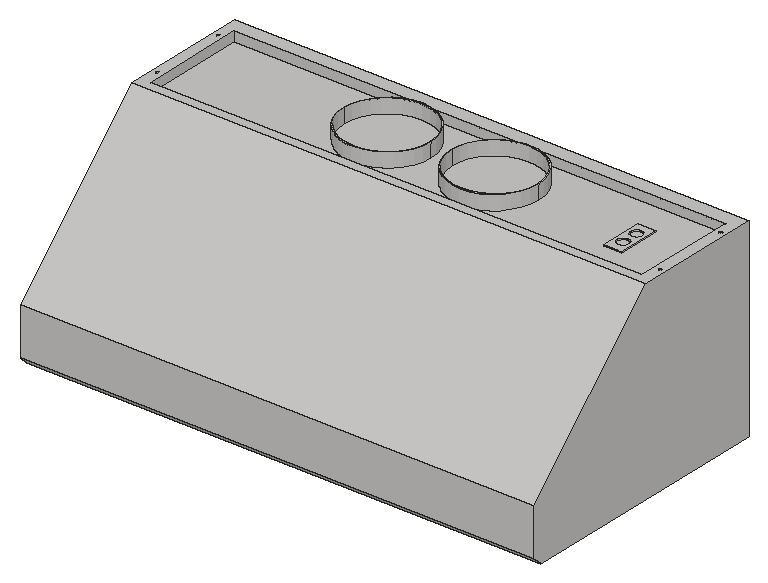
Revit family "FP_Revit_18_HCB48-12_N_Rangehood_90001236A", category Specialty Equipment, Revit 2018
Family settings
  Round Connector Dimension = Use Diameter
  Part Type = Normal
  OmniClass Number = 23.40.40.00
  OmniClass Title = Food Service Equipment and Furnishings
  Work Plane-Based = No
  Always vertical = Yes
  Cut with Voids When Loaded = Yes
  Shared = No
  Room Calculation Point = No
Parameters
  Visibility - Duct Transition [instance] = no
  Visibility - Duct Cover [instance] = no
  URL = "www.fisherpaykel.com"
  Product - Width = 1216 mm  # constant formula
  Product - Height = 457 mm  # constant formula
  Product - Depth = 636 mm  # constant formula
  Model = "HCB48-12_N"
  Material - Glass = Fisher & Paykel - White Bezel
  Material - Buttons and Dials = Fisher & Paykel - Steel, Chrome Plated
  Material - Body = Fisher & Paykel - Stainless Steel
  Manufacturer = "Fisher & Paykel Appliances"
  FFL Offset [instance] = 1677 mm
  Duct Cover - Height 6"(152mm) or 12"(305mm) [instance] = 305 mm
  Description = "48\" Professional Rangehood"
  Connector Description - Extraction 2 = "10\" (254mm) Outside diameter of ducting outlet, 1200 CFM"
  Connector Description - Extraction 1 = "8\" (208mm) Outside diameter of ducting outlet, 1200 CFM"
  Connector Description - Electrical = "120 V, 60 Hz, 20 A, Branch circuit"
Reference planes
  plane 1 "Center (Front/Back)": y = 0
  plane 2: z = 0
  plane 3 "Center (Left/Right)": x = 0
  plane 4 "Product LHS": x = -608
  plane 5 "Product RHS": x = 608
  plane 6 "Product Front": y = -318
  plane 7 "Product Rear": y = 318
  plane 8 "FFL Offset": z = 1677
  plane 9 "Product - Height": z = 2134
  plane 10 "Mounting": x = -595.5
  plane 11 "Duct Cover": z = 2439
Forms (mm)
  Extrusion 1, solid, material "Fisher & Paykel - Stainless Steel" <- "Material - Body"
    sketch origin (0, 0, 0) x (0, 1, 0) y (0, 0, 1)
      loop
        line (318, 2134) -> (13.065, 2134)
        arc (13.065, 2134) -> (-158.871, 1977.553) -> (-318, 1808.096) r 2959.918
        line (-318, 1808.096) -> (-318, 1696.18) -> (-297.82, 1677) -> (318, 1677) -> (318, 2134)
    from -608 to 608
  Extrusion 2, solid, material "Fisher & Paykel - Stainless Steel" <- "Material - Body"
    sketch origin (0, 0, 0) x (1, 0, 0) y (0, 1, 0)
      loop
        circle (-127.5, 168) r 104
      loop
        circle (-127.5, 168) r 102
      loop
        circle (127.5, 168) r 104
      loop
        circle (127.5, 168) r 102
    from 2112 to 2146
  Extrusion 3, void
    sketch origin (0, 0, 82.261) x (1, 0, 0) y (0, 1, 0)
      loop
        circle (-595.5, 252) r 3
      loop
        circle (-595.5, 72) r 3
      loop
        circle (595.5, 252) r 3
      loop
        circle (595.5, 72) r 3
    from 2041.739 to 2051.739
  Extrusion 4, void
    sketch origin (0, 0, 0) x (1, 0, 0) y (0, 0, 1)
      loop
        line (227.78, 2027.773) -> (227.78, 2037.9)
        arc (227.78, 2037.9) -> (224.28, 2041.4) -> (220.78, 2037.9) r 3.5
        line (220.78, 2037.9) -> (220.78, 2027.773)
        arc (220.78, 2027.773) -> (224.28, 2016.89) -> (227.78, 2027.773) r 6.004
      loop
        circle (250, 1753) r 9
      loop
        arc (-227.78, 2027.773) -> (-224.28, 2016.89) -> (-220.78, 2027.773) r 6.004
        line (-220.78, 2027.773) -> (-220.78, 2037.9)
        arc (-220.78, 2037.9) -> (-224.28, 2041.4) -> (-227.78, 2037.9) r 3.5
        line (-227.78, 2037.9) -> (-227.78, 2027.773)
      loop
        circle (-250, 1753) r 9
    from -318 to -293
  Extrusion 5, void
    sketch origin (0, 0, 0) x (0, 1, 0) y (0, 0, 1)
      loop
        line (-278.628, 1677) -> (242.7, 1677) -> (224.841, 1726.067) -> (241.039, 1726.067) -> (249.59, 1749.559) -> (224.137, 1758.823) -> (224.137, 1859.689) -> (-52.991, 1859.689) -> (-61.542, 1836.197) -> (-38.362, 1827.76) -> (-149.156, 1728) -> (-278.628, 1677)
    from -569 to 569
  Extrusion 6, solid, material "Fisher & Paykel - Stainless Steel" <- "Material - Body"
    sketch origin (0, 0, 0) x (1, 0, 0) y (0, 0, 1)
      loop
        line (-569, 1677) -> (-532.5, 1728) -> (-532.5, 1827) -> (-569, 1827) -> (-569, 1677)
      loop
        line (569, 1677) -> (569, 1827) -> (532.5, 1827) -> (532.5, 1728) -> (569, 1677)
    from -242.7 to 278.628
  Extrusion 7, void
    sketch origin (0, 0, 0) x (1, 0, 0) y (0, 0, 1)
      loop
        line (582.3, 2070.8) -> (-582.3, 2070.8) -> (-582.3, 1768.5) -> (582.3, 1768.5) -> (582.3, 2070.8)
    from -318 to -298
  Extrusion 8, void
    sketch origin (0, 0, 0) x (1, 0, 0) y (0, 1, 0)
      loop
        line (-582.2, 283.5) -> (-582.2, 35.2) -> (582.2, 35.2) -> (582.2, 283.5) -> (-582.2, 283.5)
    from 2112 to 2134
  Extrusion 9, solid, material "Fisher & Paykel - Stainless Steel" <- "Material - Body"
    sketch origin (0, 0, 0) x (1, 0, 0) y (0, 1, 0)
      loop
        line (432, 209.7) -> (432, 109.7) -> (476, 109.7) -> (476, 209.7) -> (432, 209.7)
      loop
        circle (454, 179.7) r 13.89
      loop
        circle (454, 139.7) r 13.89
    from 2112 to 2113.8
  Revolve 10, solid, material "Fisher & Paykel - Steel, Chrome Plated" <- "Material - Buttons and Dials", detail levels medium+fine
    sketch origin (0, 0, 0) x (0, 1, 0) y (0, 0, 1)
      loop
        line (-187.912, 1712.734) -> (-185.676, 1707.058) -> (-176.21, 1713.044) -> (-177.677, 1716.766) -> (-187.912, 1712.734)
      axis (-213.499, 1702.655) -> (-211.263, 1696.979)
    angle from 0 to 360
  Revolve 11, solid, material "Fisher & Paykel - Steel, Chrome Plated" <- "Material - Buttons and Dials", detail levels medium+fine
    sketch origin (-305, 0, 0) x (0, 1, 0) y (0, 0, 1)
      loop
        line (-187.912, 1712.734) -> (-185.676, 1707.058) -> (-176.21, 1713.044) -> (-177.677, 1716.766) -> (-187.912, 1712.734)
      axis (-213.499, 1702.655) -> (-211.263, 1696.979)
    angle from 0 to 360
  Revolve 12, solid, material "Fisher & Paykel - Steel, Chrome Plated" <- "Material - Buttons and Dials", detail levels medium+fine
    sketch origin (305, 0, 0) x (0, 1, 0) y (0, 0, 1)
      loop
        line (-187.912, 1712.734) -> (-185.676, 1707.058) -> (-176.21, 1713.044) -> (-177.677, 1716.766) -> (-187.912, 1712.734)
      axis (-213.499, 1702.655) -> (-211.263, 1696.979)
    angle from 0 to 360
  Revolve 13, solid, material "Fisher & Paykel - White Bezel" <- "Material - Glass", detail levels fine
    sketch origin (0, 0, 0) x (0, 1, 0) y (0, 0, 1)
      loop
        line (-213.499, 1702.655) -> (-211.263, 1696.979) -> (-185.676, 1707.058) -> (-187.912, 1712.734) -> (-213.499, 1702.655)
      axis (-213.499, 1702.655) -> (-211.263, 1696.979)
    angle from 0 to 360
  Revolve 14, solid, material "Fisher & Paykel - White Bezel" <- "Material - Glass", detail levels fine
    sketch origin (-305, 0, 0) x (0, 1, 0) y (0, 0, 1)
      loop
        line (-213.499, 1702.655) -> (-211.263, 1696.979) -> (-185.676, 1707.058) -> (-187.912, 1712.734) -> (-213.499, 1702.655)
      axis (-213.499, 1702.655) -> (-211.263, 1696.979)
    angle from 0 to 360
  Revolve 15, solid, material "Fisher & Paykel - White Bezel" <- "Material - Glass", detail levels fine
    sketch origin (305, 0, 0) x (0, 1, 0) y (0, 0, 1)
      loop
        line (-213.499, 1702.655) -> (-211.263, 1696.979) -> (-185.676, 1707.058) -> (-187.912, 1712.734) -> (-213.499, 1702.655)
      axis (-213.499, 1702.655) -> (-211.263, 1696.979)
    angle from 0 to 360
  Revolve 16, solid, material "Fisher & Paykel - Steel, Chrome Plated" <- "Material - Buttons and Dials", detail levels medium+fine
    sketch origin (-2000, -44.72, 0) x (1, 0, 0) y (0, 0, 1)
      loop
        line (2550.202, 1703.266) -> (2537.353, 1694.071) -> (2548.993, 1677.807) -> (2558.589, 1684.674) -> (2559.578, 1683.292) -> (2563.009, 1681.935) -> (2564.635, 1683.099) -> (2550.202, 1703.266)
      axis (2550.202, 1703.266) -> (2537.353, 1694.071)
    angle from 0 to 360
  Revolve 17, solid, material "Fisher & Paykel - Steel, Chrome Plated" <- "Material - Buttons and Dials", detail levels medium+fine
    sketch origin (-2000, -124.719, 0) x (1, 0, 0) y (0, 0, 1)
      loop
        line (2550.202, 1703.266) -> (2537.353, 1694.071) -> (2548.993, 1677.807) -> (2558.589, 1684.674) -> (2559.578, 1683.292) -> (2563.009, 1681.935) -> (2564.635, 1683.099) -> (2550.202, 1703.266)
      axis (2550.202, 1703.266) -> (2537.353, 1694.071)
    angle from 0 to 360
  Extrusion 18, solid, material "Fisher & Paykel - Stainless Steel" <- "Material - Body", visible <- "Visibility - Duct Transition"
    sketch origin (0, 0, 0) x (0, 1, 0) y (0, 0, 1)
      loop
        line (70.503, 2112) -> (265.177, 2112) -> (296.34, 2228.3) -> (39.34, 2228.3) -> (70.503, 2112)
    from -275 to 275
  Extrusion 19, solid, material "Fisher & Paykel - Stainless Steel" <- "Material - Body", visible <- "Visibility - Duct Transition"
    sketch origin (0, 0, 0) x (1, 0, 0) y (0, 1, 0)
      loop
        circle (0, 167.84) r 124.7
      loop
        circle (0, 167.84) r 123.7
    from 2228.3 to 2261.3
  Extrusion 20, solid, material "Fisher & Paykel - Stainless Steel" <- "Material - Body", visible <- "Visibility - Duct Cover"
    sketch origin (0, 0, 0) x (1, 0, 0) y (0, 1, 0)
      loop
        line (-608, 318) -> (-608, 13.065) -> (608, 13.065) -> (608, 318) -> (582.2, 318) -> (582.2, 35.2) -> (-582.2, 35.2) -> (-582.2, 318) -> (-608, 318)
    from 2134 to 2439
Cuts and joins
  Extrusion 3, Extrusion 4, Extrusion 5, Extrusion 7, Extrusion 8 cuts Extrusion 1
  Extrusion 7 cuts Extrusion 6
  joined: Extrusion 1, Extrusion 6
Text (mm)
  text "Due to ongoing product development, product details are subject to change without notice. \nPlease always refer to www.fisherpaykel.com for the most current product information. \n© Fisher & Paykel 2020" at (41.04, -1225.549, 0), in view "Ref. Level (Plan)"
Dimensions and locks
  equal spacing: plane 4 "Product LHS", plane 3 "Center (Left/Right)", plane 5 "Product RHS"
  "Product - Width": plane 4 "Product LHS" to plane 5 "Product RHS"
  equal spacing: plane 7 "Product Rear", plane 1 "Center (Front/Back)", plane 6 "Product Front"
  "Product - Depth": plane 7 "Product Rear" to plane 6 "Product Front"
  "FFL Offset": plane 8 "FFL Offset" to level
  Extrusion 1 to Extrusion 2 sketch curve = 150 mm
  Extrusion 2 sketch curve to plane 3 "Center (Left/Right)" = 127.5 mm
  plane 9 "Product - Height" to Extrusion 2 = 12 mm
  plane 10 "Mounting" to plane 3 "Center (Left/Right)" = 595.5 mm
  Extrusion 1 to Extrusion 3 sketch curve = 66 mm
  Extrusion 1 to Extrusion 3 sketch curve = 246 mm
  locked: Extrusion 3 to plane 9 "Product - Height" at 10
  "Product - Height": plane 9 "Product - Height" to plane 8 "FFL Offset"
  locked: Extrusion 2 to plane 9 "Product - Height" at 12
  locked: cut or joined group of Extrusion 1, Extrusion 3, Extrusion 4, Extrusion 5, Extrusion 6, Extrusion 7, Extrusion 8 to plane 9 "Product - Height" at 22
  locked: plane 9 "Product - Height" to Extrusion 19 at 127.3
  locked: cut or joined group of Extrusion 1, Extrusion 3, Extrusion 4, Extrusion 5, Extrusion 6, Extrusion 7, Extrusion 8 to Extrusion 9 at 1.8
  locked: nested 3 to plane 8 "FFL Offset" at 55.223
  locked: Extrusion 18 to plane 9 "Product - Height" at 94.3
  locked: Extrusion 1 sketch curve to plane 8 "FFL Offset" at 131.096
  "Duct Cover - Height 6"(152mm) or 12"(305mm)": plane 9 "Product - Height" to plane 11 "Duct Cover"
  aligned and locked: level to plane 2
  aligned and locked: plane 8 "FFL Offset" to Extrusion 1 sketch curve
  aligned and locked: Extrusion 1 to plane 5 "Product RHS"
  aligned and locked: plane 4 "Product LHS" to Extrusion 1
  aligned and locked: plane 7 "Product Rear" to Extrusion 1
  aligned and locked: Extrusion 1 to plane 6 "Product Front"
  aligned and locked: Extrusion 1 to plane 9 "Product - Height"
  aligned and locked: Extrusion 3 to plane 9 "Product - Height"
  aligned and locked: Extrusion 1 to Extrusion 4
  aligned and locked: Extrusion 8 to plane 9 "Product - Height"
  aligned and locked: plane 7 "Product Rear" to Extrusion 20 sketch curve
  aligned and locked: Extrusion 20 sketch curve to plane 7 "Product Rear"
  aligned and locked: Extrusion 20 sketch curve to cut or joined group of Extrusion 1, Extrusion 3, Extrusion 4, Extrusion 5, Extrusion 6, Extrusion 7, Extrusion 8  (x4)
  aligned and locked: plane 9 "Product - Height" to Extrusion 20
  aligned and locked: cut or joined group of Extrusion 1, Extrusion 3, Extrusion 4, Extrusion 5, Extrusion 6, Extrusion 7, Extrusion 8 to Extrusion 18
  aligned and locked: Extrusion 19 to Extrusion 18
  aligned and locked: cut or joined group of Extrusion 1, Extrusion 3, Extrusion 4, Extrusion 5, Extrusion 6, Extrusion 7, Extrusion 8 to Extrusion 9
  aligned and locked: cut or joined group of Extrusion 1, Extrusion 3, Extrusion 4, Extrusion 5, Extrusion 6, Extrusion 7, Extrusion 8 to Extrusion 2
  aligned and locked: plane 11 "Duct Cover" to Extrusion 20
Automatic sketch dimensions
  Extrusion 1 sketch curve to plane 6 "Product Front" = 0 mm
  plane 9 "Product - Height" to Extrusion 1 sketch curve = 0 mm
  Extrusion 1 sketch curve to plane 7 "Product Rear" = 0 mm
  plane 6 "Product Front" to Extrusion 1 sketch curve = 20.18 mm
  Extrusion 1 sketch curve to plane 1 "Center (Front/Back)" = 13.065 mm
  Extrusion 1 sketch curve to level = 131.801 mm
  plane 8 "FFL Offset" to Extrusion 1 sketch curve = 19.18 mm
  Extrusion 2 sketch curve to Extrusion 2 sketch curve = 0 mm  (x4)
  plane 3 "Center (Left/Right)" to Extrusion 2 sketch curve = 127.5 mm
  Extrusion 2 sketch curve to plane 7 "Product Rear" = 150 mm
  Extrusion 3 sketch curve to plane 10 "Mounting" = 0 mm  (x2)
  plane 5 "Product RHS" to Extrusion 3 sketch curve = 12.5 mm  (x2)
  Extrusion 3 sketch curve to plane 1 "Center (Front/Back)" = 72 mm
  Extrusion 3 sketch curve to plane 7 "Product Rear" = 66 mm
  plane 8 "FFL Offset" to Extrusion 4 sketch curve = 76 mm  (x2)
  Extrusion 4 sketch curve to plane 3 "Center (Left/Right)" = 250 mm
  plane 9 "Product - Height" to Extrusion 4 sketch curve = 96.1 mm
  Extrusion 4 sketch curve to plane 3 "Center (Left/Right)" = 227.78 mm
  Extrusion 4 sketch curve to Extrusion 4 sketch curve = 3.5 mm  (x4)
  plane 9 "Product - Height" to Extrusion 4 sketch curve = 106.227 mm
  plane 3 "Center (Left/Right)" to Extrusion 4 sketch curve = 220.78 mm
  plane 3 "Center (Left/Right)" to Extrusion 4 sketch curve = 250 mm
  Extrusion 4 sketch curve to Extrusion 4 sketch curve = 15.005 mm
  Extrusion 4 sketch curve to Extrusion 4 sketch curve = 4.879 mm  (x2)
  Extrusion 4 sketch curve to Extrusion 4 sketch curve = 10.127 mm
  Extrusion 6 sketch curve to plane 8 "FFL Offset" = 0 mm  (x2)
  plane 10 "Mounting" to Extrusion 6 sketch curve = 26.5 mm
  Extrusion 6 sketch curve to Extrusion 6 sketch curve = 36.5 mm
  plane 5 "Product RHS" to Extrusion 6 sketch curve = 75.5 mm
  plane 5 "Product RHS" to Extrusion 6 sketch curve = 39 mm
  plane 8 "FFL Offset" to Extrusion 6 sketch curve = 51 mm  (x2)
  Extrusion 6 sketch curve to Extrusion 6 sketch curve = 99 mm  (x2)
  plane 10 "Mounting" to Extrusion 7 sketch curve = 13.2 mm
  plane 5 "Product RHS" to Extrusion 7 sketch curve = 25.7 mm
  plane 8 "FFL Offset" to Extrusion 7 sketch curve = 91.5 mm
  plane 9 "Product - Height" to Extrusion 7 sketch curve = 63.2 mm
  plane 10 "Mounting" to Extrusion 8 sketch curve = 13.3 mm
  plane 5 "Product RHS" to Extrusion 8 sketch curve = 25.8 mm
  Extrusion 8 sketch curve to plane 1 "Center (Front/Back)" = 35.2 mm
  Extrusion 8 sketch curve to plane 7 "Product Rear" = 34.5 mm
  plane 5 "Product RHS" to Extrusion 9 sketch curve = 176 mm
  Extrusion 9 sketch curve to Extrusion 9 sketch curve = 22 mm  (x3)
  Extrusion 9 sketch curve to plane 1 "Center (Front/Back)" = 109.7 mm
  Extrusion 9 sketch curve to Extrusion 9 sketch curve = 30 mm
  Extrusion 9 sketch curve to Extrusion 9 sketch curve = 40 mm
  Extrusion 9 sketch curve to Extrusion 9 sketch curve = 29.999 mm
  plane 8 "FFL Offset" to Revolve 10 sketch curve = 35.734 mm
  plane 6 "Product Front" to Revolve 10 sketch curve = 130.088 mm
  plane 8 "FFL Offset" to Revolve 10 sketch curve = 30.058 mm
  Revolve 10 sketch curve to Revolve 10 sketch curve = 2.236 mm
  plane 8 "FFL Offset" to Revolve 10 sketch curve = 39.766 mm
  plane 8 "FFL Offset" to Revolve 10 sketch curve = 36.044 mm
  plane 8 "FFL Offset" to Revolve 10 sketch curve = 10.675 mm
  Revolve 10 sketch curve to Revolve 10 sketch curve = 21.922 mm
  plane 8 "FFL Offset" to Revolve 10 sketch curve = 19.979 mm
  Revolve 10 sketch curve to Revolve 10 sketch curve = 3.665 mm
  plane 8 "FFL Offset" to Revolve 11 sketch curve = 35.734 mm
  plane 6 "Product Front" to Revolve 11 sketch curve = 130.088 mm
  plane 8 "FFL Offset" to Revolve 11 sketch curve = 30.058 mm
  Revolve 11 sketch curve to Revolve 11 sketch curve = 2.236 mm
  plane 8 "FFL Offset" to Revolve 11 sketch curve = 39.766 mm
  plane 8 "FFL Offset" to Revolve 11 sketch curve = 36.044 mm
  plane 8 "FFL Offset" to Revolve 11 sketch curve = 10.675 mm
  Revolve 11 sketch curve to Revolve 11 sketch curve = 21.922 mm
  plane 8 "FFL Offset" to Revolve 11 sketch curve = 19.979 mm
  Revolve 11 sketch curve to Revolve 11 sketch curve = 3.665 mm
  plane 8 "FFL Offset" to Revolve 12 sketch curve = 35.734 mm
  plane 6 "Product Front" to Revolve 12 sketch curve = 130.088 mm
  plane 8 "FFL Offset" to Revolve 12 sketch curve = 30.058 mm
  Revolve 12 sketch curve to Revolve 12 sketch curve = 2.236 mm
  plane 8 "FFL Offset" to Revolve 12 sketch curve = 39.766 mm
  plane 8 "FFL Offset" to Revolve 12 sketch curve = 36.044 mm
  plane 8 "FFL Offset" to Revolve 12 sketch curve = 10.675 mm
  Revolve 12 sketch curve to Revolve 12 sketch curve = 21.922 mm
  plane 8 "FFL Offset" to Revolve 12 sketch curve = 19.979 mm
  Revolve 12 sketch curve to Revolve 12 sketch curve = 3.665 mm
  plane 8 "FFL Offset" to Revolve 13 sketch curve = 25.655 mm
  plane 6 "Product Front" to Revolve 13 sketch curve = 104.501 mm
  plane 8 "FFL Offset" to Revolve 13 sketch curve = 19.979 mm  (x2)
  Revolve 13 sketch curve to Revolve 13 sketch curve = 2.236 mm
  plane 8 "FFL Offset" to Revolve 13 sketch curve = 35.734 mm
  Revolve 13 sketch curve to Revolve 13 sketch curve = 0 mm
  plane 8 "FFL Offset" to Revolve 13 sketch curve = 15.327 mm
  Revolve 13 sketch curve to Revolve 13 sketch curve = 1.833 mm
  plane 8 "FFL Offset" to Revolve 14 sketch curve = 25.655 mm
  plane 6 "Product Front" to Revolve 14 sketch curve = 104.501 mm
  plane 8 "FFL Offset" to Revolve 14 sketch curve = 19.979 mm  (x2)
  Revolve 14 sketch curve to Revolve 14 sketch curve = 2.236 mm
  plane 8 "FFL Offset" to Revolve 14 sketch curve = 35.734 mm
  Revolve 14 sketch curve to Revolve 14 sketch curve = 0 mm
  plane 8 "FFL Offset" to Revolve 14 sketch curve = 15.327 mm
  Revolve 14 sketch curve to Revolve 14 sketch curve = 1.833 mm
  plane 8 "FFL Offset" to Revolve 15 sketch curve = 25.655 mm
  plane 6 "Product Front" to Revolve 15 sketch curve = 104.501 mm
  plane 8 "FFL Offset" to Revolve 15 sketch curve = 19.979 mm  (x2)
  Revolve 15 sketch curve to Revolve 15 sketch curve = 2.236 mm
  plane 8 "FFL Offset" to Revolve 15 sketch curve = 35.734 mm
  Revolve 15 sketch curve to Revolve 15 sketch curve = 0 mm
  plane 8 "FFL Offset" to Revolve 15 sketch curve = 15.327 mm
  Revolve 15 sketch curve to Revolve 15 sketch curve = 1.833 mm
  plane 8 "FFL Offset" to Revolve 16 sketch curve = 17.071 mm  (x2)
  plane 5 "Product RHS" to Revolve 16 sketch curve = 70.647 mm
  plane 8 "FFL Offset" to Revolve 16 sketch curve = 0.807 mm
  Revolve 16 sketch curve to Revolve 16 sketch curve = 11.64 mm
  plane 8 "FFL Offset" to Revolve 16 sketch curve = 26.266 mm
  plane 8 "FFL Offset" to Revolve 16 sketch curve = 7.674 mm
  plane 8 "FFL Offset" to Revolve 16 sketch curve = 6.292 mm
  plane 8 "FFL Offset" to Revolve 16 sketch curve = 4.935 mm
  Revolve 16 sketch curve to Revolve 16 sketch curve = 3.431 mm
  plane 8 "FFL Offset" to Revolve 16 sketch curve = 14.161 mm
  Revolve 16 sketch curve to Revolve 16 sketch curve = 4.066 mm
  Revolve 16 sketch curve to Revolve 16 sketch curve = 0 mm
  plane 8 "FFL Offset" to Revolve 17 sketch curve = 17.071 mm  (x2)
  plane 5 "Product RHS" to Revolve 17 sketch curve = 70.647 mm
  plane 8 "FFL Offset" to Revolve 17 sketch curve = 0.807 mm
  Revolve 17 sketch curve to Revolve 17 sketch curve = 11.64 mm
  plane 8 "FFL Offset" to Revolve 17 sketch curve = 26.266 mm
  plane 8 "FFL Offset" to Revolve 17 sketch curve = 7.674 mm
  plane 8 "FFL Offset" to Revolve 17 sketch curve = 6.292 mm
  plane 8 "FFL Offset" to Revolve 17 sketch curve = 4.935 mm
  Revolve 17 sketch curve to Revolve 17 sketch curve = 3.431 mm
  plane 8 "FFL Offset" to Revolve 17 sketch curve = 14.161 mm
  Revolve 17 sketch curve to Revolve 17 sketch curve = 4.066 mm
  Revolve 17 sketch curve to Revolve 17 sketch curve = 0 mm
  Extrusion 18 sketch curve to plane 7 "Product Rear" = 21.66 mm
  Extrusion 18 sketch curve to plane 9 "Product - Height" = 94.3 mm
  Extrusion 18 sketch curve to plane 7 "Product Rear" = 52.823 mm
  plane 9 "Product - Height" to Extrusion 18 sketch curve = 22 mm
  Extrusion 18 sketch curve to plane 1 "Center (Front/Back)" = 70.503 mm
  Extrusion 18 sketch curve to plane 1 "Center (Front/Back)" = 39.34 mm
  Extrusion 19 sketch curve to Extrusion 19 sketch curve = 0 mm  (x2)
  Extrusion 19 sketch curve to plane 7 "Product Rear" = 150.16 mm
  plane 5 "Product RHS" to Extrusion 19 sketch curve = 608 mm
  Extrusion 20 sketch curve to plane 4 "Product LHS" = 0 mm
  Extrusion 20 sketch curve to plane 5 "Product RHS" = 0 mm
  Extrusion 5 sketch curve to plane 8 "FFL Offset" = 0 mm
  plane 6 "Product Front" to Extrusion 5 sketch curve = 39.372 mm
  plane 8 "FFL Offset" to Extrusion 5 sketch curve = 51 mm
  Extrusion 5 sketch curve to Extrusion 5 sketch curve = 129.471 mm
  plane 1 "Center (Front/Back)" to Extrusion 5 sketch curve = 38.362 mm
  Extrusion 5 sketch curve to plane 7 "Product Rear" = 93.863 mm
  Extrusion 5 sketch curve to Extrusion 5 sketch curve = 0.704 mm
  Extrusion 5 sketch curve to Extrusion 5 sketch curve = 16.198 mm
  Extrusion 5 sketch curve to Extrusion 5 sketch curve = 1.661 mm
  Extrusion 5 sketch curve to Extrusion 5 sketch curve = 8.551 mm  (x2)
  plane 8 "FFL Offset" to Extrusion 5 sketch curve = 49.067 mm
  Extrusion 5 sketch curve to Extrusion 5 sketch curve = 23.492 mm
  Extrusion 5 sketch curve to Extrusion 5 sketch curve = 23.18 mm
  Extrusion 5 sketch curve to Extrusion 5 sketch curve = 99.76 mm
  Extrusion 5 sketch curve to Extrusion 5 sketch curve = 8.437 mm
  radius of Extrusion 2 sketch curve = 104 mm  (x2)
  radius of Extrusion 2 sketch curve = 102 mm  (x2)
  radius of Extrusion 3 sketch curve = 3 mm  (x4)
  radius of Extrusion 4 sketch curve = 9 mm  (x2)
  radius of Extrusion 9 sketch curve = 13.89 mm  (x2)
  radius of Extrusion 19 sketch curve = 124.7 mm
  radius of Extrusion 19 sketch curve = 123.7 mm
Nested families
  nested 1: "F&P Filter Rangehood HCB" at (0, 89.749, 1781.132), type "F&P Filter Rangehood HCB"
  nested 2: "F&P Filter Rangehood HCB" at (-352, 89.749, 1781.132), type "F&P Filter Rangehood HCB"
  nested 3: "F&P Filter Rangehood HCB" at (352, 89.749, 1781.132), type "F&P Filter Rangehood HCB"
  nested 4: "F&P Filter Rangehood HCB" at (0, 89.749, 1669.132), type "F&P Filter Rangehood HCB", not visible
  nested 5: "F&P Filter Rangehood HCB" at (-352, 89.749, 1669.132), type "F&P Filter Rangehood HCB", not visible
  nested 6: "F&P Filter Rangehood HCB" at (352, 89.749, 1669.132), type "F&P Filter Rangehood HCB", not visible
Connectors
  electrical at (454, 139.7, 2112), driven by "Connector Description - Electrical"
    settings: on Extrusion 9, index 1, voltage 120 V, apparent load 0 VA, apparent load phase1 0 VA, apparent load phase2 0 VA, apparent load phase3 0 VA, power factor 1, load classification "Other", number of poles 1, system type 30, power factor state 1, is connector primary yes, connector utility no, sub classification motor no, connector description "120 V, 60 Hz, 20 A, Branch circuit"
  hvac at (-127.5, 168, 2146), driven by "Connector Description - Extraction 1"
    settings: on Extrusion 2, index 2, duct flow 0.0 L/s, flow factor 0, pres drop 0.0 Pa, loss coef 0, conn angle 0.00°, conn width 304.8 mm, conn height 304.8 mm, conn diameter 208 mm, duct sys type 4, conn prof type 0, flow config 0, flow direction 2, loss method 0, conn ref index -1, conn util no, is conn primary yes, conn desc "8\" (208mm) Outside diameter of ducting outlet, 1200 CFM"
  hvac at (-127.5, 168, 2146), driven by "Connector Description - Extraction 1"
    settings: on Extrusion 2, index 3, duct flow 0.0 L/s, flow factor 0, pres drop 0.0 Pa, loss coef 0, conn angle 0.00°, conn width 304.8 mm, conn height 304.8 mm, conn diameter 208 mm, duct sys type 4, conn prof type 0, flow config 0, flow direction 2, loss method 0, conn ref index -1, conn util no, is conn primary no, conn desc "8\" (208mm) Outside diameter of ducting outlet, 1200 CFM"
  hvac at (0, 167.84, 2261.3), driven by "Connector Description - Extraction 2", driven by "Visibility - Duct Transition"
    settings: on Extrusion 19, index 4, duct flow 0.0 L/s, flow factor 0, pres drop 0.0 Pa, loss coef 0, conn angle 0.00°, conn width 304.8 mm, conn height 304.8 mm, conn diameter 254 mm, duct sys type 4, conn prof type 0, flow config 0, flow direction 2, loss method 0, conn ref index -1, conn util no, is conn primary no, conn desc "10\" (254mm) Outside diameter of ducting outlet, 1200 CFM"
  hvac at (127.5, 168, 2146), driven by "Connector Description - Extraction 1"
    settings: on Extrusion 2, index 5, duct flow 0.0 L/s, flow factor 0, pres drop 0.0 Pa, loss coef 0, conn angle 0.00°, conn width 304.8 mm, conn height 304.8 mm, conn diameter 208 mm, duct sys type 4, conn prof type 0, flow config 0, flow direction 2, loss method 0, conn ref index -1, conn util no, is conn primary no, conn desc "8\" (208mm) Outside diameter of ducting outlet, 1200 CFM"
Definition of nested family "F&P Filter Rangehood HCB"
  Parameters (values of type "F&P Filter Rangehood HCB")
    URL = "www.fisherpaykel.com"
    Material - Body = none
    Manufacturer = "Fisher & Paykel Appliances"
  Reference planes
    plane 1 "Center (Front/Back)": y = 0
    plane 2: z = 0
    plane 3 "Center (Left/Right)": x = 0
  Forms (mm)
    Extrusion 1, solid, material <- "Material - Body"
      sketch origin (0, 0, 0) x (1, 0, 0) y (0, -0.939693, 0.34202)
        loop
          line (-175.425, 161) -> (-175.425, -161) -> (176.575, -161) -> (176.575, 161) -> (-175.425, 161)
        loop
          line (158.575, -143) -> (158.575, 143) -> (-157.425, 143) -> (-157.425, -143) -> (158.575, -143)
      from -25 to 0
    Extrusion 2, solid, material <- "Material - Body", detail levels fine
      sketch origin (0, 0, 0) x (1, 0, 0) y (0, 0.34202, 0.939693)
        loop
          line (-142.575, 8.66) -> (-137.575, 0) -> (-112.425, 0) -> (-107.425, 8.66) -> (-109.931, 23.4) -> (-140.069, 23.4) -> (-142.575, 8.66)
        loop
          line (-92.575, 8.66) -> (-87.575, 0) -> (-62.425, 0) -> (-57.425, 8.66) -> (-59.931, 23.4) -> (-90.069, 23.4) -> (-92.575, 8.66)
        loop
          line (-42.575, 8.66) -> (-37.575, 0) -> (-12.425, 0) -> (-7.425, 8.66) -> (-9.931, 23.4) -> (-40.069, 23.4) -> (-42.575, 8.66)
        loop
          line (142.575, 8.66) -> (140.069, 23.4) -> (109.931, 23.4) -> (107.425, 8.66) -> (112.425, 0) -> (137.575, 0) -> (142.575, 8.66)
        loop
          line (92.575, 8.66) -> (90.069, 23.4) -> (59.931, 23.4) -> (57.425, 8.66) -> (62.425, 0) -> (87.575, 0) -> (92.575, 8.66)
        loop
          line (42.575, 8.66) -> (40.069, 23.4) -> (9.931, 23.4) -> (7.425, 8.66) -> (12.425, 0) -> (37.575, 0) -> (42.575, 8.66)
      from -143 to 143
    Extrusion 3, solid, material <- "Material - Body"
      sketch origin (0, 0, 0) x (1, 0, 0) y (0, 0.34202, 0.939693)
        loop
          line (-157.425, 25) -> (-157.425, 23.4) -> (158.575, 23.4) -> (158.575, 25) -> (-157.425, 25)
      from -143 to 143
    Extrusion 4, solid, material <- "Material - Body", detail levels fine
      sketch origin (0, 0, 0) x (1, 0, 0) y (0, -0.939693, 0.34202)
        loop
          circle (-166.425, 0) r 6
        loop
          circle (166.425, 0) r 6
      from 0 to 18.5
    Extrusion 5, solid, material <- "Material - Body", detail levels coarse+medium
      sketch origin (0, 0, 0) x (1, 0, 0) y (0, 0.34202, 0.939693)
        loop
          line (-142.575, 23.4) -> (-142.575, 0) -> (-107.425, 0) -> (-107.425, 23.4) -> (-142.575, 23.4)
        loop
          line (-92.575, 23.4) -> (-92.575, 0) -> (-57.425, 0) -> (-57.425, 23.4) -> (-92.575, 23.4)
        loop
          line (-42.575, 23.4) -> (-42.575, 0) -> (-7.425, 0) -> (-7.425, 23.4) -> (-42.575, 23.4)
        loop
          line (142.575, 23.4) -> (107.425, 23.4) -> (107.425, 0) -> (142.575, 0) -> (142.575, 23.4)
        loop
          line (92.575, 23.4) -> (57.425, 23.4) -> (57.425, 0) -> (92.575, 0) -> (92.575, 23.4)
        loop
          line (42.575, 23.4) -> (7.425, 23.4) -> (7.425, 0) -> (42.575, 0) -> (42.575, 23.4)
      from -143 to 143
  Cuts and joins
    joined: Extrusion 1, Extrusion 3
  Dimensions and locks
    aligned and locked: level to plane 2
